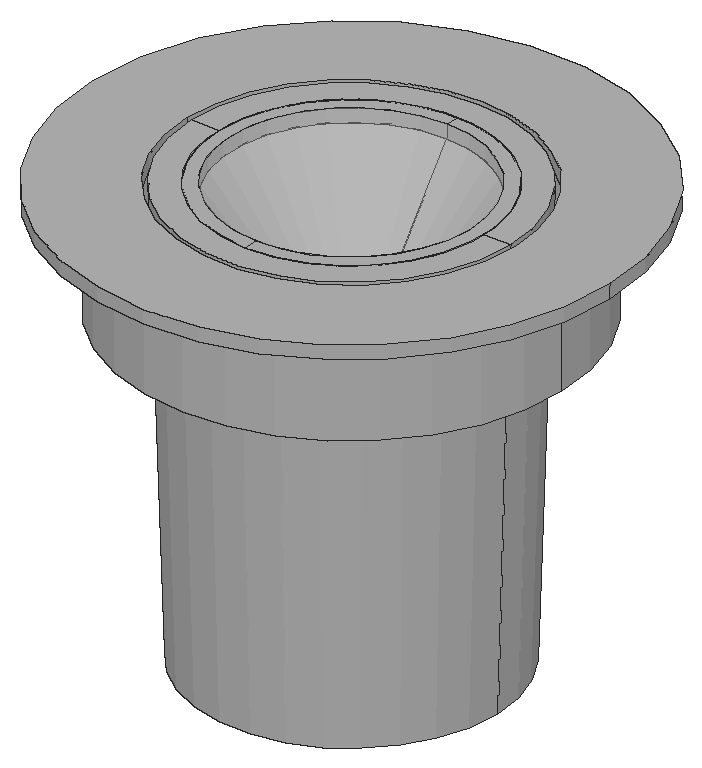
Revit family "3079455 Feilo Sylvania Lighting Fixture INST ECO KIT LED ADJ WH 2-7K DIMMABLE", category Lighting Fixtures, host Face, Revit 2017
Family settings
  Host = Face
  Round Connector Dimension = Use Diameter
  Part Type = Normal
  OmniClass Number = 23.80.70.11.17
  OmniClass Title = Specialized Lighting by Location or Use
  Cut with Voids When Loaded = No
  Light Source = No
  Shared = No
  Room Calculation Point = No
Parameters (values of type "3079455 INST ECO KIT LED ADJ WH 2.7K DIMMABLE")
  Weight = "7.04 kg"
  WarrantyStartDate [instance] = "n/a"
  WarrantyGuarantorParts = "n/a"
  WarrantyDurationUnit = "n/a"
  WarrantyDurationParts = "n/a"
  WarrantyDescription = "n/a"
  Voltage = 230 V
  URL = "http://www.sylvania-lighting.com"
  TypeName = "INST ECO KIT LED ADJ WH 2.7K DIMMABLE"
  TypeHead_FEILO = Rotateable Head : 3079455 INST ECO KIT LED ADJ WH 2.7K DIMMABLE
  SerialNumber [instance] = "n/a"
  PowerFactor = 0
  PowerConsumption = "10 W"
  NominalWidth = 0.0 mm
  NominalLength = 78.0 mm
  NominalHeight = 62.0 mm
  Name = "INST ECO KIT LED ADJ WH 2.7K DIMMABLE"
  ModelReference = "INST ECO KIT LED ADJ WH 2.7K DIMMABLE"
  ModelNumber = "3079455"
  Material_1_FEILO = Aluminum_Sylvania_Instar Eco Kit Adjustable SunDim_Bright
  RecessedDepth_FEILO = Height_FEILO + 38.0 mm  # 100.0 mm
  Material = "aluminium housing, plastic diffuser"
  ManufacturerName = "Feilo Sylvania"
  LuminousEfficacy = "45 lm/W"
  LuminaireType = ""
  LightOutputRatio = "100"
  LampsType = Lamp  # "LED"
  LampNominalLuminous = "450 lm"
  LampMacAdamStep = "n/a"
  LampColourTemperature = "2700 K"
  LampColourRenderingIndex = "83"
  Keynote = "16500"
  InstallationDate [instance] = "n/a"
  InputVoltage = "220-240V~"
  InputNominalFrequency = "n/a"
  IngressProtection = "IP23"
  ImpactProtectionIndex = "IK02"
  IfcExportType = "IfcLightFixtureType"
  IfcExportAs = "IfcLightFixtureType"
  HeadRadius_FEILO = HeadDiameter_FEILO / 2  # 24.0 mm
  HeadDiameter_FEILO = AccessoryInnerDiameter_FEILO - 1.5 mm  # 48.0 mm
  ExpectedLife = 50000
  EndAngle_FEILO [instance] = FixtureTiltAngle_FEILO + 180.00°  # 180.00°
  ElectricShockClassification = "Class II"
  DurationUnit = "hours"
  DocumentationLiterature = "http://www.sylvania-lighting.com/product/en-int/products/3079455"
  DimmingControlOptions = "Dimmable"
  CreatedOn = "2/19/2018"
  CreatedBy = ""
  BarCode [instance] = "n/a"
  AssetType = "Fixed"
  AssetIdentifier [instance] = "n/a"
  AccessoryBodyOuterDiameter_FEILO = AccessoryInnerDiameter_FEILO + 14.0 mm  # 63.5 mm
  Offset_FEILO = -5.3 mm  # constant formula
  Diameter_FEILO = AccessoryOuterDiameter_FEILO  # 78.0 mm
  AccessoryInnerDiameter_FEILO = 49.5 mm
  Height_FEILO = 62.0 mm
  FixtureTiltAngle_FEILO [instance] = 0.00°
  CutoutDiameter_FEILO = Diameter_FEILO - 10.0 mm  # 68.0 mm
  Material_2_FEILO = Aluminum_Sylvania_Instar Eco Kit Adjustable SunDim_White
  Material_3_FEILO = Aluminum_Sylvania_Instar Eco Kit Adjustable SunDim_White
  built-in parameter 1114216 [instance] = 1 (stored number, unit not read)
  Model = "INST ECO KIT LED ADJ WH 2.7K DIMMABLE"
  Manufacturer = "Feilo Sylvania"  # constant formula
  Lamp = "LED"
  Material_4_FEILO = Glass_Sylvania_Instar Eco Kit Adjustable SunDim_Clear
  Description = "Utilsing SunDim technology to acheive warmer colour temperature as the fitting is dimmed. Incredible colour quality with 92  to 94 CRI. 12W LED white downlight. Ideal for hospitality accent and display lighting applications such as bathrooms, wellness areas, terraces or porches. Choice of fixed, adjustable and dimmable fixed versions. Comes complete and ready to install with its driver. Available in white and brushed aluminium finishes. Outstanding performace, up to 545lm - at 3,000K. A small 68mm round cut out is required, giving the ability to place your light source almost anywhere due to a shallow luminaire depth of 49.9mm. Quick and easy to install. No UV or IR radiations. LED technology provides energy efficient solution and reduced maintenance costs"  # constant formula
  Default Elevation = 0.0 mm
  built-in parameter 1140040 [instance] = 1
  Assembly Code = "D5020200"
  Apparent Load = 10 VA
  AccessoryBodyInnerDiameter_FEILO = 60.0 mm
  AccessoryOuterDiameter_FEILO = AccessoryBodyInnerDiameter_FEILO + 18.0 mm  # 78.0 mm
Reference planes
  plane 1 "Center (Front/Back)": y = 0
  plane 2: z = 0
  plane 3 "Center (Left/Right)": x = 0
  plane 4 "Fixture Bottom": z = 2
  plane 5 "Accessory Top": z = -15
  plane 6 "Rotation Plane": z = -5.29
  plane 7: y = 5
  plane 8: y = -5
  plane 9: x = -5
Forms (mm)
  Extrusion 1, void
    sketch origin (0, 0, 58) x (-1, 0, 0) y (0, -1, 0)
      loop
        circle (0, 0) r 34
    from -376.952 to -56
  Extrusion 2, solid, material "Aluminum_Sylvania_Instar Eco Kit Adjustable SunDim_White" <- "Material_3_FEILO"
    sketch origin (0, 0, 58) x (-1, 0, 0) y (0, -1, 0)
      loop
        circle (0, 0) r 39
      loop
        circle (0, 0) r 24.75
    from -58 to -56
  Extrusion 3, solid, material "Aluminum_Sylvania_Instar Eco Kit Adjustable SunDim_White" <- "Material_3_FEILO"
    sketch origin (0, 0, 58) x (-1, 0, 0) y (0, -1, 0)
      loop
        circle (0, 0) r 30
      loop
        circle (0, 0) r 31.75
    from -73 to -58
  Revolve 4, solid, not visible
    sketch origin (1.164, -4572, -5.29) x (-1, 0, 0) y (0, -1, 0)
      loop
        line (1.164, -4577) -> (6.164, -4577) -> (6.164, -4567) -> (1.164, -4567) -> (1.164, -4577)
      axis (1.164, -4577) -> (1.164, -4567)
    angle from 0 <- "FixtureTiltAngle_FEILO" to 180 <- "EndAngle_FEILO"
Cuts and joins
  joined: Extrusion 2, Extrusion 3
Dimensions and locks
  locked: plane 4 "Fixture Bottom" to plane 2 at 2
  locked: plane 2 to plane 5 "Accessory Top" at 15
  locked: plane 2 to plane 6 "Rotation Plane" at 5.29
  plane 8 to plane 1 "Center (Front/Back)" to plane 7 = 5.0 mm locked, 5.0 mm locked
  locked: plane 9 to plane 3 "Center (Left/Right)" at 5
  "AccessoryOuterDiameter_FEILO": diameter of Extrusion 2 sketch curve
  "AccessoryInnerDiameter_FEILO": diameter of Extrusion 2 sketch curve
  "AccessoryBodyOuterDiameter_FEILO": diameter of Extrusion 3 sketch curve
  "AccessoryBodyInnerDiameter_FEILO": diameter of Extrusion 3 sketch curve
  "CutoutDiameter_FEILO": diameter of Extrusion 1 sketch curve
  aligned and locked: plane 2 to host face
  aligned and locked: level to host face
  aligned and locked: Extrusion 2 to plane 2
  aligned and locked: plane 4 "Fixture Bottom" to Extrusion 2
  aligned and locked: plane 2 to Extrusion 3
  aligned and locked: Extrusion 3 to plane 5 "Accessory Top"
  aligned and locked: plane 4 "Fixture Bottom" to Extrusion 1
  aligned and locked: plane 3 "Center (Left/Right)" to Revolve 4 sketch curve
  aligned and locked: Revolve 4 sketch curve to plane 3 "Center (Left/Right)"
  aligned and locked: nested 1 to Revolve 4
  aligned and locked: nested 1 to plane 1 "Center (Front/Back)"
  aligned and locked: plane 8 to Revolve 4 sketch curve
  aligned and locked: Revolve 4 sketch curve to plane 7
  aligned and locked: Revolve 4 sketch curve to plane 9
Automatic sketch dimensions
  host sketch curve to host sketch curve = 345.0 mm
  host sketch curve to host sketch curve = 280.0 mm
  Revolve 4 sketch curve to plane 3 "Center (Left/Right)" = 0.0 mm  (x2)
  Revolve 4 sketch curve to plane 7 = 806.717 mm
  plane 8 to Revolve 4 sketch curve = 758.171 mm
  plane 1 "Center (Front/Back)" to Extrusion 1 sketch curve = 0.0 mm
  Extrusion 1 sketch curve to plane 3 "Center (Left/Right)" = 0.0 mm
  Extrusion 2 sketch curve to Extrusion 2 sketch curve = 0.0 mm  (x2)
  plane 1 "Center (Front/Back)" to Extrusion 2 sketch curve = 0.0 mm
  Extrusion 2 sketch curve to plane 3 "Center (Left/Right)" = 0.0 mm
  Extrusion 3 sketch curve to Extrusion 3 sketch curve = 0.0 mm  (x2)
  plane 1 "Center (Front/Back)" to Extrusion 3 sketch curve = 0.0 mm
  Extrusion 3 sketch curve to plane 3 "Center (Left/Right)" = 0.0 mm
Nested families
  nested 1: "Rotateable Head" at (0, -1.973, 0.01) x (1, 0, 0) z (0, 0, -1), type <- "TypeHead_FEILO", type "3079455 INST ECO KIT LED ADJ WH 2.7K DIMMABLE"
Definition of nested family "Rotateable Head"
  Parameters (values of type "3079456 INST ECO KIT LED ADJ BA 2.7K DIMMABLE")
    Wattage = 10 W
    built-in parameter 1150110 = 1 (stored number, unit not read)
    URL = "http://www.feilosylvania.com"
    built-in parameter 1114217 = 1 (stored number, unit not read)
    Tilt Angle = 90.00°
    built-in parameter 1150109 = 1 (stored number, unit not read)
    built-in parameter 1150134 = (empty or 0)
    built-in parameter 1150113 = 1 (stored number, unit not read)
    Model = "INST ECO KIT LED ADJ BA 2.7K DIMMABLE"
    Material_1_FEILO = none
    Photometric Web File = "3079456.ies"
    Outer Radius = 24.0 mm
    Manufacturer = "Feilo Sylvania"
    built-in parameter 1150105 = 854.9 (stored number, unit not read)
    Lumens = 450 lm
    built-in parameter 1150115 = 1 (stored number, unit not read)
    built-in parameter 1150137 = (empty or 0)
    built-in parameter 1150139 = (empty or 0)
    built-in parameter 1150112 = 1 (stored number, unit not read)
    built-in parameter 1150114 = 1 (stored number, unit not read)
    Lamp = "LED"
    Keynote = "16500"
    Inner Radius = Outer Radius - 4.0 mm  # 20.0 mm
    built-in parameter 1150132 = 2
    built-in parameter 1150102 = (empty or 0)
    built-in parameter 1150107 = 2700 (stored number, unit not read)
    built-in parameter 1150138 = (empty or 0)
    built-in parameter 1150106 = 8.549 (stored number, unit not read)
    Height = 62.0 mm
    Emit from Circle Diameter = Diffuser Radius * 2  # 36.0 mm
    Emit Shape Visible in Rendering = no
    built-in parameter 1150104 = 4.1806 (stored number, unit not read)
    Dimming Lamp Color Temperature Shift = (empty or 0)
    Diffuser Radius = Outer Radius - 6.0 mm  # 18.0 mm
    Material_2_FEILO = none
    Description = "25° tiltable, IP23 Accent downlight perfect for 50W Halogen retrofits. Optimal solution in size and luminous efficiency for hospitality and accent and display lighting applications with a 36° beam and 450 lumen output. The downlight provides 2700K CCT and also comes including a dimmable driver."
    Default Elevation = 0.0 mm
    Color Filter = 16777215
    Material_3_FEILO = none
    built-in parameter 1114218 = 1 (stored number, unit not read)
    built-in parameter 1150133 = 10 (stored number, unit not read)
    Assembly Code = "D5020200"
    Apparent Load = 10 VA
  Types (12, lengths in mm): name | built-in parameter 1150134 | Model | Photometric Web File | built-in parameter 1150105 | Lumens | built-in parameter 1150107 | built-in parameter 1150106 | built-in parameter 1150104 | Description
    3079456 INST ECO KIT LED ADJ BA 2.7K DIMMABLE | (empty or 0) | "INST ECO KIT LED ADJ BA 2.7K DIMMABLE" | "3079456.ies" | 854.9 (stored number, unit not read) | 450 lm | 2700 (stored number, unit not read) | 8.549 (stored number, unit not read) | 4.1806 (stored number, unit not read) | "25° tiltable, IP23 Accent downlight perfect for 50W Halogen retrofits. Optimal solution in size and luminous efficiency for hospitality and accent and display lighting applications with a 36° beam and 450 lumen output. The downlight provides 2700K CCT and also comes including a dimmable driver."
    3079455 INST ECO KIT LED ADJ WH 2.7K DIMMABLE | (empty or 0) | "INST ECO KIT LED ADJ WH 2.7K DIMMABLE" | "3079455.ies" | 854.9 (stored number, unit not read) | 450 lm | 2700 (stored number, unit not read) | 8.549 (stored number, unit not read) | 4.1806 (stored number, unit not read) | "25° tiltable, IP23 Accent downlight perfect for 50W Halogen retrofits. Optimal solution in size and luminous efficiency for hospitality and accent and display lighting applications with a 36° beam and 450 lumen output. The downlight provides 2700K CCT and also comes including a dimmable driver."
    3079454 INST ECO KIT LED ADJ BA NW DIMMABLE | 12 | "INST ECO KIT LED ADJ BA NW DIMMABLE" | "3079454.ies" | 981.6 (stored number, unit not read) | 515 lm | 4000 (stored number, unit not read) | 9.816 (stored number, unit not read) | 4.7845 (stored number, unit not read) | "25° tiltable, IP23 Accent downlight perfect for 50W Halogen retrofits. Optimal solution in size and luminous efficiency for hospitality and accent and display lighting applications with a 36° beam and 515 lumen output. The downlight provides 4000K CCT and also comes including a dimmable driver."
    3079453 INST ECO KIT LED ADJ WH NW DIMMABLE | 12 | "INST ECO KIT LED ADJ WH NW DIMMABLE" | "3079453.ies" | 981.6 (stored number, unit not read) | 515 lm | 4000 (stored number, unit not read) | 9.816 (stored number, unit not read) | 4.7845 (stored number, unit not read) | "25° tiltable, IP23 Accent downlight perfect for 50W Halogen retrofits. Optimal solution in size and luminous efficiency for hospitality and accent and display lighting applications with a 36° beam and 515 lumen output. The downlight provides 4000K CCT and also comes including a dimmable driver."
    3079452 INST ECO KIT LED ADJ BA WW DIMMABLE | (empty or 0) | "INST ECO KIT LED ADJ BA WW DIMMABLE" | "3079452.ies" | 846.87 (stored number, unit not read) | 462 lm | 3000 (stored number, unit not read) | 8.4687 (stored number, unit not read) | 4.2921 (stored number, unit not read) | "25° tiltable, IP23 Accent downlight perfect for 50W Halogen retrofits. Optimal solution in size and luminous efficiency for hospitality and accent and display lighting applications with a 36° beam and 462 lumen output. The downlight provides 3000K CCT and also comes including a dimmable driver."
    3079451 INST ECO KIT LED ADJ WH WW DIMMABLE | (empty or 0) | "INST ECO KIT LED ADJ WH WW DIMMABLE" | "3079451.ies" | 846.87 (stored number, unit not read) | 462 lm | 3000 (stored number, unit not read) | 8.4687 (stored number, unit not read) | 4.2921 (stored number, unit not read) | "25° tiltable, IP23 Accent downlight perfect for 50W Halogen retrofits. Optimal solution in size and luminous efficiency for hospitality and accent and display lighting applications with a 36° beam and 462 lumen output. The downlight provides 3000K CCT and also comes including a dimmable driver."
    3079356 INST ECO KIT LED ADJ BA 2700K | (empty or 0) | "INST ECO KIT LED ADJ BA 2700K" | "3079356.ies" | 854.9 (stored number, unit not read) | 450 lm | 2700 (stored number, unit not read) | 8.549 (stored number, unit not read) | 4.1806 (stored number, unit not read) | "25° tiltable, IP23 Accent downlight perfect for 50W Halogen retrofits. Optimal solution in size and luminous efficiency for hospitality and accent and display lighting applications with a 36° beam and 450 lumen output. The downlight provides 2700K CCT and also comes including a non dimmable driver."
    3079355 INST ECO KIT LED ADJ WH 2700K | (empty or 0) | "INST ECO KIT LED ADJ WH 2700K" | "3079355.ies" | 854.9 (stored number, unit not read) | 450 lm | 2700 (stored number, unit not read) | 8.549 (stored number, unit not read) | 4.1806 (stored number, unit not read) | "25° tiltable, IP23 Accent downlight perfect for 50W Halogen retrofits. Optimal solution in size and luminous efficiency for hospitality and accent and display lighting applications with a 36° beam and 450 lumen output. The downlight provides 2700K CCT and also comes including a non dimmable driver."
    3079354 INST ECO KIT LED ADJ BA 36° NW | 12 | "INST ECO KIT LED ADJ BA 36° NW" | "3079354.ies" | 981.6 (stored number, unit not read) | 515 lm | 4000 (stored number, unit not read) | 9.816 (stored number, unit not read) | 4.7845 (stored number, unit not read) | "25° tiltable, IP23 Accent downlight perfect for 50W Halogen retrofits. Optimal solution in size and luminous efficiency for hospitality and accent and display lighting applications with a 36° beam and 515 lumen output. The downlight provides 4000K CCT and also comes including a non dimmable driver."
    3079353 INST ECO KIT LED ADJ WH 36° NW | 12 | "INST ECO KIT LED ADJ WH 36° NW" | "3079353.ies" | 981.6 (stored number, unit not read) | 515 lm | 4000 (stored number, unit not read) | 9.816 (stored number, unit not read) | 4.7845 (stored number, unit not read) | "25° tiltable, IP23 Accent downlight perfect for 50W Halogen retrofits. Optimal solution in size and luminous efficiency for hospitality and accent and display lighting applications with a 36° beam and 515 lumen output. The downlight provides 4000K CCT and also comes including a non dimmable driver."
    3079352 INST ECO KIT LED ADJ BA 36° WW | (empty or 0) | "INST ECO KIT LED ADJ BA 36° WW" | "3079352.ies" | 846.87 (stored number, unit not read) | 462 lm | 3000 (stored number, unit not read) | 8.4687 (stored number, unit not read) | 4.2921 (stored number, unit not read) | "25° tiltable, IP23 Accent downlight perfect for 50W Halogen retrofits. Optimal solution in size and luminous efficiency for hospitality and accent and display lighting applications with a 36° beam and 462 lumen output. The downlight provides 3000K CCT and also comes including a non dimmable driver."
    3079351 INST ECO KIT LED ADJ WH 36° WW | (empty or 0) | "INST ECO KIT LED ADJ WH 36° WW" | "3079351.ies" | 846.87 (stored number, unit not read) | 462 lm | 3000 (stored number, unit not read) | 8.4687 (stored number, unit not read) | 4.2921 (stored number, unit not read) | "25° tiltable, IP23 Accent downlight perfect for 50W Halogen retrofits. Optimal solution in size and luminous efficiency for hospitality and accent and display lighting applications with a 36° beam and 462 lumen output. The downlight provides 3000K CCT and also comes including a non dimmable driver."
  Reference planes
    plane 1 "Center (Front/Back)": y = -1.973
    plane 2: z = 0
    plane 3 "Center (Left/Right)": x = 0
    plane 4: z = -2
    plane 5: z = 62
    plane 6: z = 58
    plane 7: z = 5.3
  Forms (mm)
    Revolve 1, solid, material <- "Material_1_FEILO", detail levels fine
      sketch origin (0, 0, 0) x (0, 1, 0) y (0, 0, 1)
        loop
          line (18.027, -2) -> (17.433, 17) -> (-1.973, 17) -> (-1.973, 15) -> (5.129, 15) -> (16.027, 0) -> (16.027, -2) -> (18.027, -2)
        axis (-1.973, 17) -> (-1.973, -2)
      angle from 0 to 360
    Extrusion 2, solid, material <- "Material_2_FEILO", detail levels fine
      sketch origin (0, 0, 0) x (1, 0, 0) y (0, 1, 0)
        loop
          circle (0, -1.973) r 18
      from -2 to 0
    Revolve 3, solid, material <- "Material_3_FEILO", detail levels fine
      sketch origin (0, -1.973, 0) x (1, 0, 0) y (0, 0, 1)
        loop
          line (-24, -2) -> (-20, -2) -> (-18.125, 58) -> (0, 58) -> (0, 62) -> (-22, 62) -> (-24, -2)
        axis (0, 62) -> (0, -2)
      angle from 0 to 360
    Revolve 4, solid, material <- "Material_3_FEILO", detail levels coarse+medium
      sketch origin (0, -1.973, 0) x (1, 0, 0) y (0, 0, 1)
        loop
          line (-24, -2) -> (0, -2) -> (0, 62) -> (-22, 62) -> (-24, -2)
        axis (0, 62) -> (0, -2)
      angle from 0 to 360
  Dimensions and locks
    "Outer Radius": plane 3 "Center (Left/Right)" to Revolve 3 sketch curve
    locked: Revolve 3 sketch curve to Revolve 3 sketch curve at 4
    locked: Revolve 3 sketch curve to Revolve 3 sketch curve at 3.998
    "Inner Radius": Revolve 1 sketch curve to plane 1 "Center (Front/Back)"
    locked: Revolve 1 sketch curve to Revolve 1 sketch curve at 2
    locked: plane 7 to plane 2 at 5.3
    "Outer Radius": imposter light to Revolve 4 sketch curve
    locked: level to plane 4 at 2
    locked: plane 5 to plane 6 at 4
    "Height": plane 5 to level
    "Diffuser Radius": radius of Extrusion 2 sketch curve
    aligned and locked: level to plane 2
    aligned and locked: Revolve 1 sketch curve to plane 4
    aligned and locked: plane 1 "Center (Front/Back)" to Revolve 1 sketch curve
    aligned and locked: Revolve 1 sketch curve to plane 1 "Center (Front/Back)"
    aligned and locked: plane 4 to Revolve 1 sketch curve
    aligned and locked: plane 2 to Revolve 1 sketch curve
    aligned and locked: Revolve 1 sketch curve to Revolve 1 sketch curve
    aligned and locked: Extrusion 2 to plane 4
    aligned and locked: plane 2 to Extrusion 2
    aligned and locked: Revolve 3 sketch curve to plane 5
    aligned and locked: Revolve 3 sketch curve to plane 6
    aligned and locked: Revolve 3 sketch curve to plane 3 "Center (Left/Right)"  (x2)
    aligned and locked: plane 3 "Center (Left/Right)" to imposter light
    aligned and locked: plane 1 "Center (Front/Back)" to imposter light
    aligned and locked: plane 4 to imposter light
    aligned and locked: Revolve 4 sketch curve to plane 5
    aligned and locked: Revolve 4 sketch curve to plane 4
    aligned and locked: Revolve 4 sketch curve to plane 3 "Center (Left/Right)"
  Automatic sketch dimensions
    Revolve 1 sketch curve to plane 1 "Center (Front/Back)" = 7.102 mm
    Revolve 1 sketch curve to Revolve 1 sketch curve = 12.304 mm
    Revolve 1 sketch curve to plane 7 = 9.7 mm
    Revolve 1 sketch curve to Revolve 1 sketch curve = 2.0 mm
    Revolve 1 sketch curve to plane 4 = 14.644 mm
    Revolve 1 sketch curve to Revolve 1 sketch curve = 17.617 mm
    plane 1 "Center (Front/Back)" to Extrusion 2 sketch curve = 0.0 mm
    Extrusion 2 sketch curve to plane 3 "Center (Left/Right)" = 0.0 mm
    Revolve 3 sketch curve to plane 4 = 0.0 mm
    Revolve 3 sketch curve to plane 4 = 30.928 mm
    Revolve 3 sketch curve to Revolve 3 sketch curve = 20.072 mm
    Revolve 4 sketch curve to plane 3 "Center (Left/Right)" = 0.0 mm
    Revolve 4 sketch curve to plane 3 "Center (Left/Right)" = 22.0 mm
    Revolve 4 sketch curve to Revolve 4 sketch curve = 30.928 mm
    Revolve 4 sketch curve to Revolve 4 sketch curve = 20.072 mm
